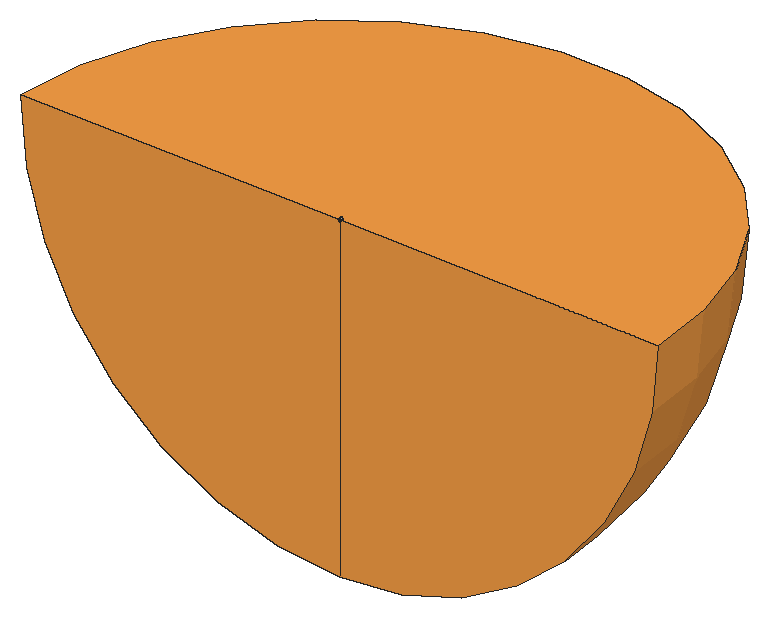
Revit family "Difusores abiertos para pared", category Rociadores, Revit 2017
Family settings
  Mantener orientación de anotación = No
  Cota de conector redondo = Radio de uso
  Tipo de pieza = Normal
  Número OmniClass = 23.65.70.17.11.24
  Título OmniClass = Fire Fighting Sprinkler Heads
  Se basa en plano de trabajo = Sí
  Siempre vertical = Sí
  Corte con vacíos al cargar = No
  Compartido = No
  Punto de cálculo de habitación = No
Parameters (values of type "Difusor abierto 5 toberas 120º -  2,0 a 25,5 l/min")
  Ángulo = 120.00°
  Zona de acción = yes
  URL = "http://aguilera.es/?productos=difusores-abiertos-de-agua-nebulizada"
  Símbolo texto modelo = yes
  Símbolo = yes
  Respuesta = Norma
  Orificio = Norma
  Nº Toberas = 4
  Modelo = "AN/CAP120T5"
  Flujo máximo = 25.5 L/min
  Flujo = 2.0 L/min
  Fabricante = "Aguilera Electrónica"  # constant formula
  Default Elevation = 1219.2 mm
  Descripción = "Cabeza nebulizadora abierta para instalación en tubería seca, toberas montadas a 120º a un rango de caudales suficiente para cubrir una amplia gama de riesgos."  # constant formula
  Flujo mínimo = 2.0 L/min
  Cobertura = Norma
  Clase de presión = Norma
  120 = yes
Reference planes
  plane 1 "Centro (Frontal/Posterior)": y = 0
  plane 2: z = 0
  plane 3 "Centro (Izquierda/Derecha)": x = 0
  plane 4: through (4267.2, 0, -48.641) normal (0, -0.866, 0.5)
  plane 5: z = -29
Forms (mm)
  Extrusion 1, solid, material "Acero inoxidable", detail levels fine
    sketch origin (0, 0, 0) x (1, 0, 0) y (0, 1, 0)
      loop
        line (2.88, 4.988) -> (-2.88, 4.988) -> (-5.76, 0) -> (-2.88, -4.988) -> (2.88, -4.988) -> (5.76, 0) -> (2.88, 4.988)
    from -32 to -29
  Extrusion 2, solid, material "Acero inoxidable"
    sketch origin (-289.747, -1524, -2) x (-1, 0, 0) y (0, -1, 0)
      loop
        circle (-289.747, -1524) r 8.5
    from 0 to 2
  Extrusion 3, solid, material "Acero inoxidable", detail levels fine
    sketch origin (-289.747, -1524, 2) x (-1, 0, 0) y (0, -1, 0)
      loop
        circle (-289.747, -1524) r 8
    from 0 to 3
  Extrusion 4, solid, material "Acero inoxidable", detail levels fine
    sketch origin (-289.747, -1524, 5) x (-1, 0, 0) y (0, -1, 0)
      loop
        circle (-289.747, -1524) r 8.724
    from 0 to 10
  Extrusion 5, solid, material "Acero inoxidable", detail levels fine
    sketch origin (-289.747, -1524, 15) x (-1, 0, 0) y (0, -1, 0)
      loop
        line (-293.595, -1531.555) -> (-285.899, -1531.555)
        arc (-285.899, -1531.555) -> (-280.799, -1524.165) -> (-285.385, -1516.445) r 8.319
        line (-285.385, -1516.445) -> (-294.109, -1516.445)
        arc (-294.109, -1516.445) -> (-298.696, -1524.165) -> (-293.595, -1531.555) r 8.319
    from 0 to 2.015
  Extrusion 6, solid, material "Acero inoxidable", detail levels fine
    sketch origin (-289.747, -1524, 17.015) x (-1, 0, 0) y (0, -1, 0)
      loop
        circle (-289.747, -1524) r 5
    from 0 to 5.241
  Revolve 7, solid, material "Acero inoxidable", detail levels fine
    sketch origin (0, 0, -30.37) x (0, 1, 0) y (0, 0, 1)
      loop
        line (0, 52.626) -> (0, 55.385) -> (-2.15, 55.385) -> (-5, 53.739) -> (-5, 52.626) -> (0, 52.626)
      axis (0, 55.385) -> (0, 52.626)
    angle from 0 to 360
  Revolve 8, solid, material "Goma", detail levels fine
    sketch origin (0, 0, -26.5) x (0, 1, 0) y (0, 0, 1)
      loop
        line (0, 28.5) -> (-9.003, 28.5)
        arc (-9.003, 28.5) -> (-10.003, 27.5) -> (-9.003, 26.5) r 1
        line (-9.003, 26.5) -> (0, 26.5) -> (0, 28.5)
      axis (0, 28.5) -> (0, 26.5)
    angle from 0 to 360
  Extrusion 9, solid, material "Acero inoxidable"
    sketch origin (-289.747, -1524, 36.5) x (-1, 0, 0) y (0, -1, 0)
      loop
        circle (-289.747, -1524) r 20
    from -50.5 to -38.5
  Revolve 10, solid, material "Acero inoxidable"
    sketch origin (0, 0, 0) x (0, 1, 0) y (0, 0, 1)
      loop
        line (20, -14) -> (0, -14) -> (0, -29) -> (11.34, -29) -> (20, -14)
      axis (0, -14) -> (0, -29)
    angle from 0 to 360
  Extrusion 11, solid, material "Acero inoxidable", visible <- "120", detail levels fine
    sketch origin (0.093, -4267.2, -48.48) x (-0.5, 0, -0.866025) y (0, -1, 0)
      loop
        line (-36.366, -4264.319) -> (-36.366, -4270.079) -> (-31.378, -4272.959) -> (-26.389, -4270.079) -> (-26.389, -4264.319) -> (-31.378, -4261.439) -> (-36.366, -4264.319)
    from -3 to 0
  Revolve 12, solid, material "Zona de acción", visible <- "Zona de acción"
    sketch origin (0, -20, 0) x (1, 0, 0) y (0, 0, 1)
      loop
        line (0, 0) -> (-4000, 0)
        arc (-4000, 0) -> (-2828.427, -2828.427) -> (0, -4000) r 4000
        line (0, -4000) -> (0, 0)
      axis (0, 0) -> (0, -4000)
    angle from 0 to 180
  Extrusion 13, solid, material "Acero inoxidable", visible <- "120", detail levels fine
    sketch origin (-0.093, 4267.2, -48.48) x (0.5, 0, -0.866025) y (0, 1, 0)
      loop
        line (-36.366, -4264.319) -> (-36.366, -4270.079) -> (-31.378, -4272.959) -> (-26.389, -4270.079) -> (-26.389, -4264.319) -> (-31.378, -4261.439) -> (-36.366, -4264.319)
    from -3 to 0
  Extrusion 14, solid, material "Acero inoxidable", visible <- "120", detail levels fine
    sketch origin (3695.55, -2133.52, -48.48) x (-0.25, -0.433013, -0.866025) y (0.866025, -0.5, 0)
      loop
        line (-36.366, -4264.319) -> (-36.366, -4270.079) -> (-31.378, -4272.959) -> (-26.389, -4270.079) -> (-26.389, -4264.319) -> (-31.378, -4261.439) -> (-36.366, -4264.319)
    from -3 to 0
  Extrusion 15, solid, material "Acero inoxidable", visible <- "120", detail levels fine
    sketch origin (3695.457, 2133.68, -48.48) x (0.25, -0.433013, -0.866025) y (0.866025, 0.5, 0)
      loop
        line (-36.366, -4264.319) -> (-36.366, -4270.079) -> (-31.378, -4272.959) -> (-26.389, -4270.079) -> (-26.389, -4264.319) -> (-31.378, -4261.439) -> (-36.366, -4264.319)
    from -3 to 0
Dimensions and locks
  "Ángulo": angle plane 4 to Revolve 10
  aligned and locked: level to plane 2
  aligned and locked: level to Extrusion 2
  aligned and locked: plane 1 "Centro (Frontal/Posterior)" to Revolve 10 sketch curve
  aligned and locked: Revolve 10 sketch curve to plane 5
Automatic sketch dimensions
  plane 1 "Centro (Frontal/Posterior)" to Extrusion 1 sketch curve = 0 mm  (x2)
  Extrusion 1 sketch curve to plane 3 "Centro (Izquierda/Derecha)" = 5.76 mm
  Extrusion 1 sketch curve to plane 3 "Centro (Izquierda/Derecha)" = 2.88 mm  (x2)
  plane 3 "Centro (Izquierda/Derecha)" to Extrusion 1 sketch curve = 2.88 mm  (x2)
  Extrusion 1 sketch curve to Extrusion 1 sketch curve = 2.88 mm
  plane 1 "Centro (Frontal/Posterior)" to Extrusion 1 sketch curve = 4.988 mm
  Extrusion 1 sketch curve to plane 1 "Centro (Frontal/Posterior)" = 4.988 mm
  plane 1 "Centro (Frontal/Posterior)" to Extrusion 2 sketch curve = 0 mm
  Extrusion 2 sketch curve to plane 3 "Centro (Izquierda/Derecha)" = 0 mm
  plane 1 "Centro (Frontal/Posterior)" to Extrusion 3 sketch curve = 0 mm
  Extrusion 3 sketch curve to plane 3 "Centro (Izquierda/Derecha)" = 0 mm
  plane 1 "Centro (Frontal/Posterior)" to Extrusion 4 sketch curve = 0 mm
  Extrusion 4 sketch curve to plane 3 "Centro (Izquierda/Derecha)" = 0 mm
  plane 3 "Centro (Izquierda/Derecha)" to Extrusion 5 sketch curve = 4.362 mm
  plane 3 "Centro (Izquierda/Derecha)" to Extrusion 5 sketch curve = 3.848 mm
  plane 1 "Centro (Frontal/Posterior)" to Extrusion 5 sketch curve = 0.118 mm
  plane 3 "Centro (Izquierda/Derecha)" to Extrusion 5 sketch curve = 0.634 mm
  Extrusion 5 sketch curve to plane 3 "Centro (Izquierda/Derecha)" = 0.634 mm
  Extrusion 5 sketch curve to plane 3 "Centro (Izquierda/Derecha)" = 3.848 mm
  Extrusion 5 sketch curve to plane 3 "Centro (Izquierda/Derecha)" = 4.362 mm
  Extrusion 5 sketch curve to plane 1 "Centro (Frontal/Posterior)" = 7.555 mm
  plane 1 "Centro (Frontal/Posterior)" to Extrusion 6 sketch curve = 0 mm
  Extrusion 6 sketch curve to plane 3 "Centro (Izquierda/Derecha)" = 0 mm
  Revolve 7 sketch curve to plane 1 "Centro (Frontal/Posterior)" = 0 mm  (x2)
  Revolve 7 sketch curve to Revolve 7 sketch curve = 2.15 mm
  Revolve 7 sketch curve to Revolve 7 sketch curve = 2.85 mm
  level to Revolve 7 sketch curve = 22.256 mm
  Revolve 7 sketch curve to Revolve 7 sketch curve = 1.114 mm
  Revolve 7 sketch curve to Revolve 7 sketch curve = 2.759 mm
  Revolve 7 sketch curve to Revolve 7 sketch curve = 3.994 mm
  Revolve 7 sketch curve to Revolve 7 sketch curve = 2.611 mm
  Revolve 8 sketch curve to level = 0 mm
  Revolve 8 sketch curve to plane 1 "Centro (Frontal/Posterior)" = 0 mm  (x2)
  Revolve 8 sketch curve to Revolve 8 sketch curve = 9.003 mm
  Revolve 8 sketch curve to Revolve 8 sketch curve = 1 mm
  Revolve 8 sketch curve to Revolve 8 sketch curve = 1.206 mm
  Revolve 8 sketch curve to Revolve 8 sketch curve = 1.932 mm
  plane 1 "Centro (Frontal/Posterior)" to Extrusion 9 sketch curve = 0 mm
  Extrusion 9 sketch curve to plane 3 "Centro (Izquierda/Derecha)" = 0 mm
  Revolve 10 sketch curve to plane 1 "Centro (Frontal/Posterior)" = 0 mm
  Revolve 10 sketch curve to plane 4 = 0 mm  (x3)
  Revolve 10 sketch curve to level = 14 mm
  Revolve 10 sketch curve to Revolve 10 sketch curve = 7 mm
  Extrusion 11 sketch curve to Extrusion 11 sketch curve = 4.988 mm  (x3)
  Extrusion 11 sketch curve to Extrusion 11 sketch curve = 2.88 mm  (x3)
  Extrusion 11 sketch curve to Extrusion 11 sketch curve = 5.76 mm  (x2)
  Extrusion 13 sketch curve to Extrusion 13 sketch curve = 4.988 mm  (x3)
  Extrusion 13 sketch curve to Extrusion 13 sketch curve = 2.88 mm  (x3)
  Extrusion 13 sketch curve to Extrusion 13 sketch curve = 5.76 mm  (x2)
  Extrusion 14 sketch curve to Extrusion 14 sketch curve = 4.988 mm  (x3)
  Extrusion 14 sketch curve to Extrusion 14 sketch curve = 2.88 mm  (x3)
  Extrusion 14 sketch curve to Extrusion 14 sketch curve = 5.76 mm  (x2)
  Extrusion 15 sketch curve to Extrusion 15 sketch curve = 4.988 mm  (x3)
  Extrusion 15 sketch curve to Extrusion 15 sketch curve = 2.88 mm  (x3)
  Extrusion 15 sketch curve to Extrusion 15 sketch curve = 5.76 mm  (x2)
  Revolve 12 sketch curve to level = 0 mm
  plane 3 "Centro (Izquierda/Derecha)" to Revolve 12 sketch curve = 0 mm
  Revolve 12 sketch curve to plane 3 "Centro (Izquierda/Derecha)" = 0 mm
  Revolve 12 sketch curve to plane 3 "Centro (Izquierda/Derecha)" = 4000 mm
  Revolve 12 sketch curve to plane 5 = 151.654 mm
  level to Revolve 12 sketch curve = 180 mm
  radius of Extrusion 2 sketch curve = 8.5 mm
  radius of Extrusion 3 sketch curve = 8 mm
  radius of Extrusion 4 sketch curve = 8.724 mm
  radius of Extrusion 6 sketch curve = 5 mm
  radius of Extrusion 9 sketch curve = 20 mm
Nested families
  nested 1: "S_Difusor abierto pared_Aguilera Extinción" at (0, -1.406, 0) x (0, 1, 0) z (0, 0, 1), visible <- "Símbolo", type "S_Difusor abierto pared_Aguilera Extinción", detail levels coarse
Connectors
  piping at (0, 0, 0), diameter 20, driven by "Flujo"
    settings: on Extrusion 2, index 1, connector inside diameter 609.6 mm, connector length 0 mm, flow factor 0, pipe flow 2.0 L/min, pressure drop 0.0 Pa, fitting loss kfactor 0, connector angle 0.00°, fixture units 0, engagement length 0 mm, angle of deflection 0.00°, flow configuration 0, flow direction 1, fitting loss method 0, system type 24, joint type 0, gender type 0, connector reference index -1, connector utility 0, adjustable connector no, is connector primary yes, connector description ""
Definition of nested family "S_Difusor abierto pared_Aguilera Extinción"
  Parameters (values of type "S_Difusor abierto pared_Aguilera Extinción")
    Texto símbolo = "Difusor abierto"
    Texto modelo = yes
    Modelo = "Difusor abierto"
  Reference planes
    plane 1: y = 0
    plane 2: x = 0
  Lines and regions (mm)
    detail lines
      curve 1: line (1.699, 0, 0) -> (2.813, 0, 0)
      curve 2: line (1.201, 1.201, 0) -> (1.989, 1.989, 0)
      curve 3: line (0, 1.699, 0) -> (0, 2.813, 0)
      curve 4: line (1.201, -1.201, 0) -> (1.989, -1.989, 0)
      curve 5: line (0, -1.699, 0) -> (0, -2.813, 0)
      curve 6: line (0, 1.49, 0) -> (0, -1.49, 0)
      curve 7: arc (0, -1.49, 0) -> (1.49, 0, 0) -> (0, 1.49, 0) r 1.49
  Text (mm)
    label "Texto símbolo" at (-0.164, 4.036, 0), shows "Texto símbolo", visible <- "Texto modelo"
    label "Modelo" at (-0.164, -4.339, 0), shows "Modelo", visible <- "Texto modelo"
